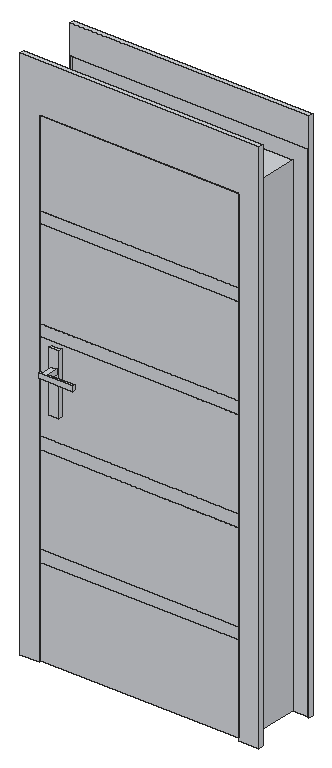
Revit family
Parameters (values of type "PN 80")
  Rough Height = 2055 mm
  URL = "www.porta.com.pl"
  Rough Width = 880 mm
  Ss = 818 mm
  Manufacturer = "PORTA KMI POLAND"
  Keynote = ""
  Description = "Biblioteki CAD produktów firmy PORTA KMI POLAND S.A. wraz z ich wizualizacjami są chronione prawami własności przemysłowej i intelektualnej. Można je wykorzystywać do handlowych celów osobistych poprzez zastosowanie w projektach, jednak nie wolno ich powielać, modyfikować, licencjonować ani publikować, w całości ani w części, chyba że celem przeglądania, bez uprzedniej pisemnej zgody PORTA KMI Poland sp.z.o.o. www.porta.com.pl "
  Height = 2016 mm
  Wall Closure = (empty or 0)
  Width = 802 mm
  Model = "Porta LEVEL"
  Materiał_skrzydło_2 = none
  Materiał_skrzydło_1 [instance] = none
  Materiał_ościeżnica [instance] = none
  Materiał_klamka [instance] = none
  Informacja = ""
  Hs = 2017 mm
  Function = (empty or 0)
Reference planes
  plane 1: y = 0
  plane 2 "Środek (Lewa/Prawa)": x = 0
  plane 3 "Lewy": x = -440
  plane 4 "Prawy": x = 440
  plane 5: z = 2055
  plane 6 "Zewnętrzna": y = 120
  plane 7 "Wewnętrzna": y = -120
  plane 8: x = -401
  plane 9: y = -138.9
  plane 10: x = -494.4
  plane 11: x = 494.4
Forms (mm)
  Sweep 1, solid, material <- "Materiał_ościeżnica"
    path in 3D
      loop
        line (-440, -120, 0) -> (-440, -120, 2055) -> (440, -120, 2055) -> (440, -120, 0)
    profile origin (-440, -120, 1027.5) x (0, -1, 0) y (1, 0, 0)
      loop
        line (-240, -54.4) -> (-240, -49.7) -> (-243.2, -49.7) -> (-243.2, 16.3) -> (3.2, 16.3) -> (3.2, -49.7) -> (0, -49.7) -> (0, -54.4) -> (18.9, -54.4) -> (18.9, 27) -> (-26.7, 27) -> (-26.7, 39) -> (-243.2, 39) -> (-243.2, 27) -> (-258.9, 27) -> (-258.9, -54.4) -> (-240, -54.4)
  Extrusion 2, solid, material <- "Materiał_ościeżnica"
    sketch origin (-359, -94.5, 2024.974) x (0, 0, -1) y (0, -1, 0)
      loop
        line (-203.026, -233.4) -> (-84.426, -233.4) -> (-84.426, -214.5) -> (-203.026, -214.5) -> (-203.026, -233.4)
    from -853.4 to 135.4
  Extrusion 3, solid, material <- "Materiał_ościeżnica"
    sketch origin (-359, -94.5, 2024.974) x (0, 0, -1) y (0, -1, 0)
      loop
        line (-203.026, 44.4) -> (-203.026, 25.5) -> (-84.426, 25.5) -> (-84.426, 44.4) -> (-203.026, 44.4)
    from -853.4 to 135.4
Cuts and joins
  joined: Sweep 1, Extrusion 2, Extrusion 3
Lines and regions (mm)
  Opening 1
    outline origin (-3050, -120, 0) x (1, 0, 0) y (0, 0, 1)
      loop
        line (2610, 0) -> (3490, 0) -> (3490, 2055) -> (2610, 2055) -> (2610, 0)
  sketch lines
    curve 1: line (-440, -120, 0) -> (-440, -120, 2055)
    curve 2: line (-440, -120, 2055) -> (440, -120, 2055)
    curve 3: line (440, -120, 2055) -> (440, -120, 0)
  symbolic lines, style "DoorsPanelProjection"
    curve 4: line (409, -120, 0) -> (409, -938, 0)
    curve 5: line (409, -938, 0) -> (369, -938, 0)
    curve 6: line (369, -938, 0) -> (369, -120, 0)
    curve 7: line (369, -120, 0) -> (409, -120, 0)
  symbolic lines, style "Ugięcie rzutu"
    curve 8: arc (-409, -120, 0) -> (-169.413, -698.413, 0) -> (409, -938, 0) r 818
Text (mm)
  text "Zewnętrzna" at (-2295.016, 1099.543, 0), in view "Poziom odniesienia"
  text "Zewnętrzna" at (0, 1615.38, 3698.081), in view "Lewy"
  text "Zewnętrzna" at (0, 1036.032, 3874.932), in view "Prawy"
Dimensions and locks
  equal spacing: plane 3 "Lewy", plane 2 "Środek (Lewa/Prawa)", plane 4 "Prawy"
  "Rough Width": plane 3 "Lewy" to plane 4 "Prawy"
  "Rough Height": plane 5 to host wall
  host wall to plane 5 = 2055 mm  (x2)
  locked: plane 6 "Zewnętrzna" to host wall at 0
  locked: plane 7 "Wewnętrzna" to host wall
  locked: curve 6 to curve 4 at 40
  "Ss": curve 5 to curve 7
  equal spacing: curve 8, plane 2 "Środek (Lewa/Prawa)", curve 4
  equal spacing: nested 1, plane 2 "Środek (Lewa/Prawa)", nested 1
  locked: nested 1 to level at 8
  locked: plane 3 "Lewy" to plane 8 at 39
  locked: plane 6 "Zewnętrzna" to Sweep 1 sketch curve at 18.9
  locked: profile plane to Sweep 1 sketch curve at 27
  locked: Sweep 1 sketch curve to plane 8 at 22.7
  locked: Sweep 1 sketch curve to profile plane at 26.7
  locked: profile plane to Sweep 1 sketch curve at 18.9
  locked: Sweep 1 sketch curve to profile plane at 54.4  (x2)
  locked: plane 9 to host wall at 18.9
  locked: plane 10 to plane 3 "Lewy" at 54.4
  locked: plane 4 "Prawy" to plane 11 at 54.4
  aligned and locked: plane 3 "Lewy" to Opening 1 sketch curve
  aligned and locked: plane 5 to Opening 1 sketch curve  (x2)
  aligned and locked: Opening 1 sketch curve to plane 4 "Prawy"
  aligned and locked: Opening 1 sketch curve to level
  aligned and locked: plane 1 to host wall
  aligned and locked: plane 7 "Wewnętrzna" to curve 7
  aligned and locked: Sweep 1 sketch curve to plane 6 "Zewnętrzna"
  aligned and locked: Sweep 1 sketch curve to profile plane
  aligned and locked: Sweep 1 sketch curve to plane 8
  aligned and locked: nested 1 to plane 9
  aligned and locked: Extrusion 2 sketch curve to Sweep 1  (x2)
  aligned and locked: host wall to Extrusion 2 sketch curve
  aligned and locked: Extrusion 3 sketch curve to plane 9
  aligned and locked: host wall to Extrusion 3 sketch curve
  aligned and locked: Extrusion 3 sketch curve to Sweep 1
  aligned and locked: Extrusion 3 sketch curve to Extrusion 2
  aligned and locked: plane 11 to Extrusion 3
  aligned and locked: plane 10 to Extrusion 3
  aligned and locked: plane 11 to Extrusion 2
  aligned and locked: plane 10 to Extrusion 2
Automatic sketch dimensions
  curve 8 to host wall = 0 mm
  Sweep 1 sketch curve to Sweep 1 sketch curve = 0 mm
  Sweep 1 sketch curve to Sweep 1 sketch curve = 3.2 mm
  Sweep 1 sketch curve to Sweep 1 sketch curve = 15.7 mm
  Sweep 1 sketch curve to Sweep 1 sketch curve = 4.7 mm  (x2)
  Sweep 1 sketch curve to Sweep 1 sketch curve = 10.7 mm
  Extrusion 2 sketch curve to plane 5 = 173 mm
Nested families
  nested 1: "skrzydło" at (0, -105.4, 0), type "skrzydło"
Definition of nested family "skrzydło"
  Parameters (values of type "skrzydło")
    Ss = 818 mm
    Materiał_skrzydło_2 = none
    Materiał_skrzydło_1 = none
    Materiał_klamka = none
    Assembly Code = ""
    Hs = 2017 mm
  Reference planes
    plane 1 "Tył": y = 6.5
    plane 2: z = 0
    plane 3 "Środek (Lewa/Prawa)": x = 0
    plane 4 "Lewa": x = -409
    plane 5 "Prawa": x = 409
    plane 6 "Przód": y = -33.5
    plane 7: z = 2025
    plane 8 "Centrum": y = -13.5
    plane 9: z = 8
  Forms (mm)
    Extrusion 1, solid, material <- "Materiał_skrzydło_1"
      sketch origin (0, -33.5, 0) x (-1, 0, 0) y (0, 0, 1)
        loop
          line (409, 370.4) -> (-409, 370.4) -> (-409, 8) -> (409, 8) -> (409, 370.4)
      from 0 to 40
    Extrusion 2, solid, material <- "Materiał_skrzydło_2"
      sketch origin (-2140.117, -33.5, 1300) x (-1, 0, 0) y (0, 0, 1)
        loop
          line (-1731.117, -879.6) -> (-2549.117, -879.6) -> (-2549.117, -929.6) -> (-1731.117, -929.6) -> (-1731.117, -879.6)
      from 0 to 40
    Extrusion 3, solid, material <- "Materiał_skrzydło_1"
      sketch origin (-2140.117, -33.5, 1300) x (-1, 0, 0) y (0, 0, 1)
        loop
          line (-1731.117, -511.2) -> (-2549.117, -511.2) -> (-2549.117, -879.6) -> (-1731.117, -879.6) -> (-1731.117, -511.2)
      from 0 to 40
    Extrusion 4, solid, material <- "Materiał_skrzydło_2"
      sketch origin (-2140.117, -33.5, 1700) x (-1, 0, 0) y (0, 0, 1)
        loop
          line (-1731.117, -861.2) -> (-2549.117, -861.2) -> (-2549.117, -911.2) -> (-1731.117, -911.2) -> (-1731.117, -861.2)
      from 0 to 40
    Extrusion 5, solid, material <- "Materiał_skrzydło_1"
      sketch origin (-2140.117, -33.5, 1200) x (-1, 0, 0) y (0, 0, 1)
        loop
          line (-1731.117, 825) -> (-2549.117, 825) -> (-2549.117, 475.6) -> (-1731.117, 475.6) -> (-1731.117, 825)
      from 0 to 40
    Extrusion 6, solid, material <- "Materiał_skrzydło_2"
      sketch origin (-2140.117, -33.5, 1200) x (-1, 0, 0) y (0, 0, 1)
        loop
          line (-1731.117, 475.6) -> (-2549.117, 475.6) -> (-2549.117, 425.6) -> (-1731.117, 425.6) -> (-1731.117, 475.6)
      from 0 to 40
    Extrusion 7, solid, material <- "Materiał_skrzydło_1"
      sketch origin (-2140.117, -33.5, 1200) x (-1, 0, 0) y (0, 0, 1)
        loop
          line (-1731.117, 425.6) -> (-2549.117, 425.6) -> (-2549.117, 57.2) -> (-1731.117, 57.2) -> (-1731.117, 425.6)
      from 0 to 40
    Extrusion 8, solid, material <- "Materiał_skrzydło_2"
      sketch origin (-2140.117, -33.5, 1300) x (-1, 0, 0) y (0, 0, 1)
        loop
          line (-1731.117, -42.8) -> (-2549.117, -42.8) -> (-2549.117, -92.8) -> (-1731.117, -92.8) -> (-1731.117, -42.8)
      from 0 to 40
    Extrusion 9, solid, material <- "Materiał_skrzydło_1"
      sketch origin (-2140.117, -33.5, 1300) x (-1, 0, 0) y (0, 0, 1)
        loop
          line (-1731.117, -92.8) -> (-2549.117, -92.8) -> (-2549.117, -461.2) -> (-1731.117, -461.2) -> (-1731.117, -92.8)
      from 0 to 40
  Dimensions and locks
    equal spacing: plane 4 "Lewa", plane 3 "Środek (Lewa/Prawa)", plane 5 "Prawa"
    "Ss": plane 4 "Lewa" to plane 5 "Prawa"
    locked: plane 9 to level at 8
    "Hs": plane 7 to plane 9
    locked: nested 1 to plane 9 at 934
    locked: plane 9 to nested 3 at 934
    equal spacing: plane 6 "Przód", plane 8 "Centrum", plane 1 "Tył"
    aligned and locked: Extrusion 1 sketch curve to plane 9
    aligned and locked: nested 1 to plane 6 "Przód"
    aligned and locked: Extrusion 1 sketch curve to plane 5 "Prawa"
    aligned and locked: Extrusion 1 sketch curve to plane 4 "Lewa"
    aligned and locked: plane 3 "Środek (Lewa/Prawa)" to nested 2
    aligned and locked: plane 4 "Lewa" to Extrusion 2 sketch curve
    aligned and locked: plane 5 "Prawa" to Extrusion 2 sketch curve
    aligned and locked: plane 4 "Lewa" to Extrusion 3 sketch curve
    aligned and locked: plane 5 "Prawa" to Extrusion 3 sketch curve
    aligned and locked: plane 4 "Lewa" to Extrusion 4 sketch curve
    aligned and locked: plane 5 "Prawa" to Extrusion 4 sketch curve
    aligned and locked: plane 4 "Lewa" to Extrusion 5 sketch curve
    aligned and locked: plane 7 to Extrusion 5 sketch curve
    aligned and locked: plane 5 "Prawa" to Extrusion 5 sketch curve
    aligned and locked: plane 4 "Lewa" to Extrusion 6 sketch curve
    aligned and locked: plane 5 "Prawa" to Extrusion 6 sketch curve
    aligned and locked: plane 4 "Lewa" to Extrusion 7 sketch curve
    aligned and locked: plane 5 "Prawa" to Extrusion 7 sketch curve
    aligned: Extrusion 7 sketch curve to Extrusion 6
    aligned and locked: plane 4 "Lewa" to Extrusion 8 sketch curve
    aligned and locked: plane 5 "Prawa" to Extrusion 8 sketch curve
    aligned and locked: plane 4 "Lewa" to Extrusion 9 sketch curve
    aligned and locked: plane 5 "Prawa" to Extrusion 9 sketch curve
    aligned: Extrusion 9 sketch curve to Extrusion 4
    aligned and locked: Extrusion 7 sketch curve to Extrusion 8
    aligned and locked: Extrusion 1 sketch curve to Extrusion 2
  Automatic sketch dimensions
    Extrusion 2 sketch curve to Extrusion 2 sketch curve = 50 mm
    Extrusion 4 sketch curve to Extrusion 4 sketch curve = 50 mm
    plane 9 to Extrusion 2 sketch curve = 362.4 mm
    plane 9 to Extrusion 3 sketch curve = 412.4 mm
    Extrusion 4 sketch curve to plane 7 = 1236.2 mm
    Extrusion 6 sketch curve to Extrusion 6 sketch curve = 50 mm
    Extrusion 8 sketch curve to Extrusion 8 sketch curve = 50 mm
    Extrusion 3 sketch curve to Extrusion 3 sketch curve = 368.4 mm
    plane 9 to Extrusion 9 sketch curve = 830.8 mm
    Extrusion 9 sketch curve to Extrusion 9 sketch curve = 368.4 mm
    Extrusion 8 sketch curve to plane 7 = 817.8 mm
    Extrusion 5 sketch curve to plane 7 = 349.4 mm
    Extrusion 6 sketch curve to plane 7 = 399.4 mm
    Extrusion 7 sketch curve to Extrusion 7 sketch curve = 368.4 mm
  Nested families
    nested 1: "KLAMKA" at (-341, -33.5, 1067), Materiał klamki <- "Materiał_klamka", type "KLAMKA"
      with Materiał klamki none
    nested 2: "logo_porta" at (0, 6.5, 110) x (1, 0, 0) z (0, -1, 0), type "logo_porta"
    nested 3: "KLAMKA" at (-341, 6.5, 1067), Materiał klamki <- "Materiał_klamka", type "KLAMKA"
      with Materiał klamki none
  Definition of nested family "KLAMKA"
    Parameters (values of type "KLAMKA")
      Materiał klamki [instance] = none
      Assembly Code = ""
      Default Elevation = 1219.2 mm
    Reference planes
      plane 1 "Center (Front/Back)": y = 0
      plane 2: z = 0
      plane 3 "Center (Left/Right)": x = 0
      plane 4: z = 125
      plane 5: z = -125
      plane 6: x = 20
      plane 7: x = -20
      plane 8: y = -70
      plane 9: y = -60
      plane 10: x = 10
      plane 11: x = -10
      plane 12: x = 120
      plane 13: z = 35
      plane 14: z = 55
      plane 15: y = -15
    Forms (mm)
      Extrusion 1, solid, material <- "Materiał klamki"
        sketch origin (0, 0, 0) x (1, 0, 0) y (0, 0, 1)
          loop
            line (-20, 125) -> (-20, -125) -> (20, -125) -> (20, 125) -> (-20, 125)
        from 0 to 15
      Extrusion 2, solid, material <- "Materiał klamki"
        sketch origin (0, 0, 0) x (1, 0, 0) y (0, 1, 0)
          loop
            line (-10, -15) -> (-10, -60) -> (-20, -60) -> (-20, -70) -> (120, -70) -> (120, -60) -> (10, -60) -> (10, -15) -> (-10, -15)
        from 35 to 55
    Dimensions and locks
      equal spacing: plane 4, plane 2, plane 5
      plane 4 to plane 5 = 250 mm
      equal spacing: plane 7, plane 3 "Center (Left/Right)", plane 6
      plane 7 to plane 6 = 40 mm
      plane 8 to plane 1 "Center (Front/Back)" = 70 mm
      plane 11 to plane 3 "Center (Left/Right)" to plane 10 = 10 mm locked, 10 mm locked
      plane 7 to plane 12 = 140 mm
      plane 15 to plane 1 "Center (Front/Back)" = 15 mm
      aligned and locked: plane 7 to Extrusion 1 sketch curve
      aligned and locked: Extrusion 1 sketch curve to plane 4
      aligned and locked: plane 5 to Extrusion 1 sketch curve
      aligned and locked: Extrusion 1 sketch curve to plane 6
      aligned and locked: plane 15 to Extrusion 1
      aligned and locked: Extrusion 1 to plane 1 "Center (Front/Back)"
      aligned and locked: plane 14 to Extrusion 2
      aligned and locked: Extrusion 2 to plane 13
    Automatic sketch dimensions
      Extrusion 2 sketch curve to plane 7 = 0 mm
      Extrusion 2 sketch curve to plane 9 = 0 mm  (x2)
      Extrusion 2 sketch curve to plane 11 = 0 mm
      Extrusion 2 sketch curve to plane 10 = 0 mm
      Extrusion 2 sketch curve to plane 12 = 0 mm
      Extrusion 2 sketch curve to plane 8 = 0 mm
      Extrusion 2 sketch curve to plane 15 = 0 mm
  Definition of nested family "logo_porta"
    Reference planes
      plane 1 "Środek (Przód/Tył)": y = 0
      plane 2: z = 0
      plane 3 "Środek (Lewa/Prawa)": x = 0
